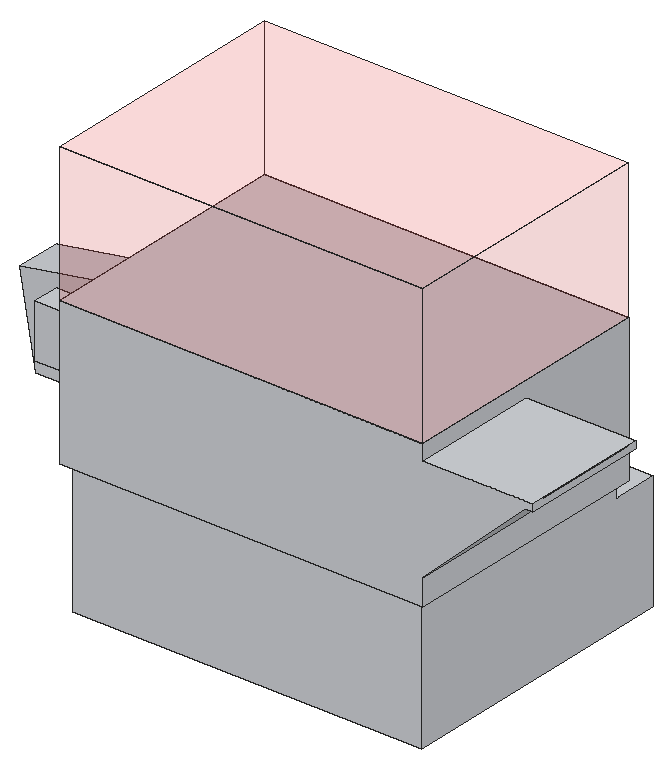
Revit family
Parameters (values of type "115 V Single Phase")
  Weight Scheduled [instance] = 185  # constant formula
  Voltage Workaround = Voltage / 1 V  # 115
  Voltage Scheduled = Voltage  # 115 V
  Voltage = 115 V
  VoltAmps Workaround [instance] = Voltage Workaround * Total FLA * sqrt(Phase)  # 805
  VoltAmps [instance] = VoltAmps Workaround * 1 VA  # 805 VA
  URL = "http://www.renewaire.com/_assets/files/SubmittalForms/EV450RTSubmittal.pdf"
  Total FLA [instance] = Supply Motor FLA  # 7
  Supply Motor RPM Scheduled [instance] = 0
  Supply Motor HP Scheduled [instance] = Supply Motor HP  # 0.6
  Supply Motor HP [instance] = if(or(Phase = 1, Phase = 2), 0.6, if(Phase = 3, 0.5, 0))  # 0.6
  Supply Motor FLA [instance] = if(and(Voltage = 115 V, Phase = 1), 7, if(and(or(Voltage = 208 V, Voltage = 230 V), Phase = 1), 3.5, if(and(Voltage = 277 V, Phase = 1), 2.4, if(and(or(Voltage = 208 V, Voltage = 230 V), Phase = 3), 1.7, if(and(Voltage = 460 V, Phase = 3), 0.8, 0)))))  # 7
  Supply Motor Count Scheduled [instance] = Supply Motor Count  # 1
  Supply Motor Count [instance] = 1  # constant formula
  Supply Motor BHP [instance] = if(Supply CFM < 241 CFM, if(Phase = 1, 0.569, if(Phase = 3, 0.325, 0)), if(Supply CFM < 339 CFM, if(Phase = 1, 0.635, if(Phase = 3, 0.419, 0)), if(Supply CFM < 381 CFM, if(Phase = 1, 0.664, if(Phase = 3, 0.462, 0)), if(Supply CFM < 451 CFM, if(Phase = 1, 0.715, if(Phase = 3, 0.552, 0)), if(Supply CFM < 501 CFM, if(Phase = 1, 0.754, if(Phase = 3, 0.617, 0)), if(Supply CFM < 551 CFM, if(Phase = 1, 0.794, if(Phase = 3, 0.691, 0)), if(Supply CFM < 601 CFM, if(Phase = 1, 0.834, if(Phase = 3, 0.766, 0)), 0)))))))  # 0.569
  Supply ESP Scheduled [instance] = Supply ESP  # 1
  Supply ESP [instance] = if(Supply CFM < 241 CFM, 1, if(Supply CFM < 339 CFM, 0.85, if(Supply CFM < 381 CFM, 0.75, if(Supply CFM < 451 CFM, 0.5, if(Supply CFM < 501 CFM, 0.25, if(Supply CFM < 551 CFM, 0, if(Supply CFM < 601 CFM, -0.25, 0)))))))  # 1
  Supply CFM Scheduled [instance] = Supply CFM  # 0 CFM
  Supply CFM [instance] = 0 CFM
  Supply Air Winter RH Scheduled [instance] = 0
  Supply Air Winter DB Scheduled [instance] = 0
  Supply Air Summer RH Scheduled [instance] = 0
  Supply Air Summer DB Scheduled [instance] = 0
  Phase Scheduled = Phase  # 1
  Phase = 1
  Outside Air Winter RH Scheduled [instance] = 0
  Outside Air Winter DB Scheduled [instance] = 0
  Outside Air Summer RH Scheduled [instance] = 0
  Outside Air Summer DB Scheduled [instance] = 0
  Number of Poles = 1
  Model = "EV450RTC"
  Manufacturer = "RenewAire"
  MOCP Scheduled [instance] = 0
  MCA Scheduled [instance] = 0
  FLA Scheduled [instance] = Total FLA  # 7
  Exhaust RH Scheduled [instance] = 0
  Exhaust Motor RPM Scheduled [instance] = 0
  Exhaust Motor HP Scheduled [instance] = 0
  Exhaust Motor Count Scheduled [instance] = 0
  Exhaust ESP Scheduled [instance] = Exhaust ESP  # 1
  Exhaust ESP [instance] = Supply ESP  # 1
  Exhaust DB Scheduled [instance] = 0
  Exhaust CFM Scheduled [instance] = Exhaust CFM  # 0 CFM
  Exhaust CFM [instance] = 0 CFM
  Enthalpy Effect Winter Scheduled [instance] = if(Supply CFM < 241 CFM, 75, if(Supply CFM < 339 CFM, 71, if(Supply CFM < 381 CFM, 69, if(Supply CFM < 451 CFM, 66, if(Supply CFM < 501 CFM, 64, if(Supply CFM < 551 CFM, 62, if(Supply CFM < 601 CFM, 60, 0)))))))  # 75
  Enthalpy Effect Summer Scheduled [instance] = if(Supply CFM < 241 CFM, 66, if(Supply CFM < 339 CFM, 61, if(Supply CFM < 381 CFM, 59, if(Supply CFM < 451 CFM, 56, if(Supply CFM < 501 CFM, 54, if(Supply CFM < 551 CFM, 52, if(Supply CFM < 601 CFM, 50, 0)))))))  # 66
Types (8): name | Voltage Workaround | Voltage Scheduled | Voltage | VoltAmps Workaround | VoltAmps | Total FLA | Supply Motor HP Scheduled | Supply Motor HP | Supply Motor FLA | Supply Motor BHP | Phase Scheduled | Phase | Number of Poles | FLA Scheduled
  (no name) | 115 | 115 V | 115 V | 805 | 805 VA | 7 | 0.6 | 0.6 | 7 | 0.569 | 1 | 1 | 1 | 7
  208 V Single Phase | 208 | 208 V | 208 V | 728 | 728 VA | 3.5 | 0.6 | 0.6 | 3.5 | 0.569 | 1 | 1 | 2 | 3.5
  230 V Single Phase | 230 | 230 V | 230 V | 805 | 805 VA | 3.5 | 0.6 | 0.6 | 3.5 | 0.569 | 1 | 1 | 2 | 3.5
  115 V Single Phase | 115 | 115 V | 115 V | 805 | 805 VA | 7 | 0.6 | 0.6 | 7 | 0.569 | 1 | 1 | 1 | 7
  277 V Single Phase | 277 | 277 V | 277 V | 664.8 | 664.8 VA | 2.4 | 0.6 | 0.6 | 2.4 | 0.569 | 1 | 1 | 1 | 2.4
  208 V Three Phase | 208 | 208 V | 208 V | 612.4532 | 612.453 VA | 1.7 | 0.5 | 0.5 | 1.7 | 0.325 | 3 | 3 | 3 | 1.7
  230 V Three Phase | 230 | 230 V | 230 V | 677.2319 | 677.232 VA | 1.7 | 0.5 | 0.5 | 1.7 | 0.325 | 3 | 3 | 3 | 1.7
  460 V Three Phase | 460 | 460 V | 460 V | 637.3947 | 637.395 VA | 0.8 | 0.5 | 0.5 | 0.8 | 0.325 | 3 | 3 | 3 | 0.8
Reference planes (in)
  plane 1 "Center (Front/Back)": y = 0
  plane 2: z = 0
  plane 3 "Center (Left/Right)": x = 0
Forms (in)
  Extrusion 1, solid
    sketch origin (0, 0, 0) x (1, 0, 0) y (0, 1, 0)
      loop
        line (-23.9375, 16.9375) -> (-23.9375, -16.9375) -> (23.9375, -16.9375) -> (23.9375, 16.9375) -> (-23.9375, 16.9375)
    from 17.5 to 36.75
  Extrusion 2, solid
    sketch origin (0, 0, 3.5) x (1, 0, 0) y (0, 0, 1)
      loop
        line (23.9375, 31.25) -> (23.9375, 17.36927) -> (37.4375, 30.25) -> (38.4375, 30.25) -> (38.4375, 31.25) -> (23.9375, 31.25)
    from 0 to 16.9375
  Extrusion 3, solid
    sketch origin (0, 0, 3.5) x (1, 0, 0) y (0, 0, 1)
      loop
        line (-34.21804, 17.25) -> (-23.9375, 17.25) -> (-23.9375, 31.31031) -> (-36.3125, 29.12826) -> (-34.21804, 17.25)
    from 2 to 8
  Extrusion 4, solid
    sketch origin (-4.49885, 47.70678, 0) x (1, 0, 0) y (0, 1, 0)
      loop
        line (-19.43865, -30.76928) -> (-19.43865, -64.64428) -> (28.43635, -64.64428) -> (28.43635, -30.76928) -> (-19.43865, -30.76928)
    from 36.75 to 55
  Extrusion 5, solid
    sketch origin (0, 0, 0) x (0, 1, 0) y (0, 0, 1)
      loop
        line (-15.9375, 17.5) -> (-15.9375, 0) -> (22.0625, 0) -> (22.0625, 15.5) -> (15.9375, 15.5) -> (15.9375, 17.5) -> (-15.9375, 17.5)
    from -23 to 23
  Extrusion 6, solid
    sketch origin (0, 0, 19.75) x (1, 0, 0) y (0, 1, 0)
      loop
        line (-23.9375, -14.37485) -> (-23.9375, -10.87485) -> (-29.1875, -10.87485) -> (-29.1875, -14.37485) -> (-23.9375, -14.37485)
    from 7 to 14
Cuts and joins
  joined: Extrusion 1, Extrusion 2, Extrusion 3, Extrusion 5
Lines and regions (in)
  Split face 1
    outline origin (23, 22.0625, 0) x (-1, 0, 0) y (0, 0, 1)
      loop
        line (3.96878, 13.75) -> (3.96878, 1.75) -> (15.96878, 1.75) -> (15.96878, 13.75) -> (3.96878, 13.75)
  Split face 2
    outline origin (23, 22.0625, 0) x (-1, 0, 0) y (0, 0, 1)
      loop
        line (42.03122, 13.75) -> (30.03122, 13.75) -> (30.03122, 1.75) -> (42.03122, 1.75) -> (42.03122, 13.75)
Connectors (in)
  hvac at (13.03122, 22.0625, 7.75), driven by "Exhaust CFM"
    settings: on cut or joined group of Extrusion 1, Extrusion 2, Extrusion 3, Extrusion 5, index 1, duct flow 0 CFM, flow factor 0, pres drop 0.00 in-wg, loss coef 0, conn angle 0.00°, conn width 12", conn height 12", conn radius 12", duct sys type 3, conn prof type 1, flow config 0, flow direction 1, loss method 0, conn ref index -1, conn util no, is conn primary yes, conn desc ""
  hvac at (-13.03122, 22.0625, 7.75), driven by "Supply CFM"
    settings: on cut or joined group of Extrusion 1, Extrusion 2, Extrusion 3, Extrusion 5, index 2, duct flow 0 CFM, flow factor 0, pres drop 0.00 in-wg, loss coef 0, conn angle 0.00°, conn width 12", conn height 12", conn radius 12", duct sys type 1, conn prof type 1, flow config 0, flow direction 2, loss method 0, conn ref index -1, conn util no, is conn primary no, conn desc ""
  electrical at (0, 0, 36.75), driven by "VoltAmps", driven by "Voltage", driven by "Number of Poles"
    settings: on cut or joined group of Extrusion 1, Extrusion 2, Extrusion 3, Extrusion 5, index 3, voltage 115 V, apparent load 805 VA, apparent load phase1 0 VA, apparent load phase2 0 VA, apparent load phase3 0 VA, power factor 1, load classification "HVAC", number of poles 1, system type 30, power factor state 1, is connector primary yes, connector utility no, sub classification motor no, connector description ""
